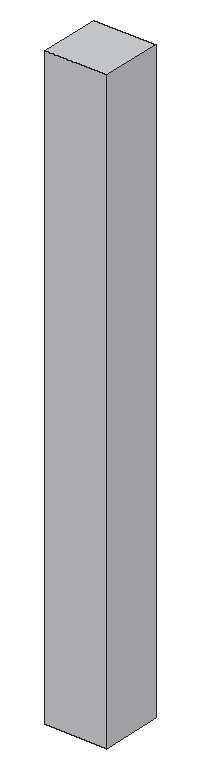
Revit family "Column_Timber", category Structural Columns, Revit 2026
Family settings
  Display in Hidden Views = Edges Hidden by Other Members
  Section Shape = Not Defined
  Material for Model Behavior = Concrete
  Always export as geometry = No
  Beam cutback in plan = From bounding box
  Classification Number = 23.25.30.11.14.11
  Cut with Voids When Loaded = No
  Symbolic Representation = From Family
  Shared = No
  Show family pre-cut in plan views = Yes
Parameters (values of type "240x240")
  Structural Material [instance] = Concrete, Cast-in-Place - C35
  Height [instance] = 2450 mm
  Depth = 250 mm
  Width = 250 mm
Types (16, lengths in mm): name | Height | Depth | Width
  200x200 | 4000 | 200 | 200
  360x200 | 3500 | 200 | 360
  200x1090 | 4000 | 200 | 1090
  200x760 | 3500 | 200 | 760
  200x380 | 3500 | 200 | 380
  200x300 | 4000 | 200 | 300
  200x580 | 4000 | 200 | 580
  200x640 | 4000 | 200 | 640
  250x250 | 4000 | 250 | 250
  330x360 | 4000 | 360 | 330
  200x360 | 4000 | 360 | 200
  200x240 | 5160 | 240 | 200
  240x240 | 2450 | 250 | 250
  200x200 L=3350 | 3350 | 200 | 200
  200x240 L=3500 | 3500 | 240 | 200
  200x240 L=1140 | 1140 | 240 | 200
Reference planes
  plane 1 "Center (Front/Back)": y = 0
  plane 2: z = 0
  plane 3 "Center (Left/Right)": x = 0
  plane 4 "Left": x = -250
  plane 5 "Right": x = 250
  plane 6 "Back": y = 250
  plane 7 "Front": y = -250
Forms (mm)
  Extrusion 1, solid
    sketch origin (0, 0, 0) x (1, 0, 0) y (0, 1, 0)
      loop
        line (-150, 150) -> (-150, -100) -> (100, -100) -> (100, 150) -> (-150, 150)
    from 0 to 2450
Dimensions and locks
  equal spacing: plane 4 "Left", plane 3 "Center (Left/Right)", plane 5 "Right"
  equal spacing: plane 7 "Front", plane 1 "Center (Front/Back)", plane 6 "Back"
  "Width": Extrusion 1 to Extrusion 1
  "Depth": Extrusion 1 to Extrusion 1
  "Height": Extrusion 1 to Extrusion 1
  aligned and locked: level to plane 2
Automatic sketch dimensions
  Extrusion 1 sketch curve to plane 3 "Center (Left/Right)" = 150 mm
  plane 3 "Center (Left/Right)" to Extrusion 1 sketch curve = 100 mm
  plane 1 "Center (Front/Back)" to Extrusion 1 sketch curve = 100 mm
  Extrusion 1 sketch curve to plane 1 "Center (Front/Back)" = 150 mm
